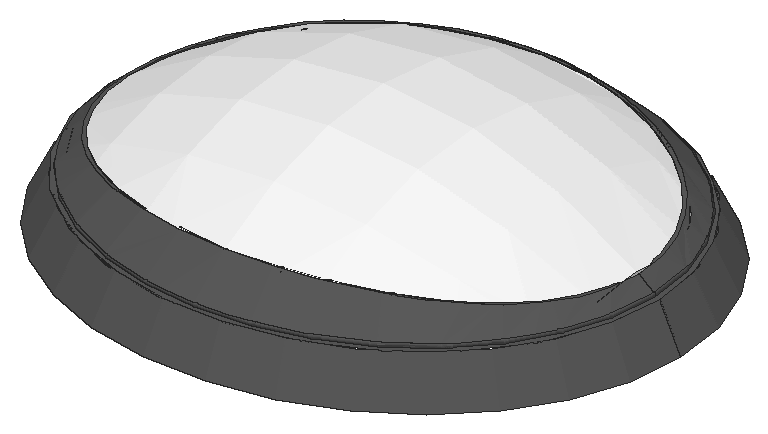
Revit family "4063807 Feilo Sylvania Lighting Fixtures BRIO IP65VR LED 3K BLK G2", category Lighting Fixtures, host Face, Revit 2017
Family settings
  Host = Face
  Round Connector Dimension = Use Diameter
  Part Type = Normal
  OmniClass Number = 23.80.70.00
  OmniClass Title = Lighting
  Cut with Voids When Loaded = No
  Light Source = Yes
  Shared = No
  Room Calculation Point = No
Parameters (values of type "4063807 BRIO IP65VR LED 3K BLK G2 High Output High Output")
  Weight = "3.0 kg"
  Wattage Comments = "n/a"
  Wattage = 17 W
  WarrantyStartDate [instance] = "n/a"
  WarrantyGuarantorParts = "n/a"
  WarrantyDurationUnit = "n/a"
  WarrantyDurationParts = "n/a"
  WarrantyDescription = "n/a"
  built-in parameter 1150110 = 1 (stored number, unit not read)
  Voltage = 230 V
  URL = "http://www.sylvania-lighting.com"
  TypeName = "BRIO IP65VR LED 3K BLK G2"
  Type Image = <None>
  Type Comments = "n/a"
  built-in parameter 1114217 = 1 (stored number, unit not read)
  Tilt Angle = -90.00°
  built-in parameter 1150109 = 1 (stored number, unit not read)
  built-in parameter 1150134 = (empty or 0)
  built-in parameter 1150113 = 1 (stored number, unit not read)
  SerialNumber [instance] = "n/a"
  ReflectorMaterial = none
  PowerFactor = 0.98
  PowerConsumption = "17 W"
  Photometric Web File = "4063807-HO.ies"
  NominalLength = 104 mm
  NominalHeight = 440 mm
  NominalDepth = 390 mm
  Name = "BRIO IP65VR LED 3K BLK G2"
  ModelReference = Name  # "BRIO IP65VR LED 3K BLK G2"
  ModelNumber = "4063807"
  Model = Name  # "BRIO IP65VR LED 3K BLK G2"
  Material = "aluminium body, polycarbonate diffuser"
  ManufacturerName = "Feilo Sylvania"
  Manufacturer = "Feilo Sylvania"
  LuminousEfficacy = "74 lm/W"
  built-in parameter 1150105 = 100.11 (stored number, unit not read)
  Lumens = 1258 lm
  LuminaireType = ""
  built-in parameter 1150115 = 1 (stored number, unit not read)
  LightOutputRatio = "100"
  built-in parameter 1150137 = (empty or 0)
  built-in parameter 1150139 = (empty or 0)
  LampsType = Lamp  # "LED"
  LampNominalLuminous = "1266 lm"
  LampMacAdamStep = "n/a"
  LampColourTemperature = "3000 K"
  LampColourRenderingIndex = "80"
  built-in parameter 1150112 = 1 (stored number, unit not read)
  built-in parameter 1150114 = 1 (stored number, unit not read)
  Lamp = "LED"
  Keynote = "16500"
  InstallationDate [instance] = "n/a"
  InputVoltage = "230-240V~"
  InputNominalFrequency = "50/60 Hz"
  built-in parameter 1150132 = (empty or 0)
  built-in parameter 1150102 = (empty or 0)
  built-in parameter 1150107 = 3000 (stored number, unit not read)
  built-in parameter 1150138 = (empty or 0)
  IngressProtection = "IP65"
  ImpactProtectionIndex = "IK10"
  built-in parameter 1150106 = 1.0011 (stored number, unit not read)
  IfcExportType = "IfcLightFixtureType"
  IfcExportAs = "IfcLightFixtureType"
  ExpectedLife = 50000
  Emit from Circle Diameter = 300 mm
  Emit Shape Visible in Rendering = no
  ElectricShockClassification = "Class I"
  built-in parameter 1150104 = 6.8748 (stored number, unit not read)
  DurationUnit = "hours"
  DocumentationLiterature = "http://www.sylvania-lighting.com/product/en-int/products/4063807"
  DimmingControlOptions = "n/a"
  Dimming Lamp Color Temperature Shift = <None>
  DiffuserMaterial = Diffuser-Sylvania-BrioIP65VR-Opal
  Description = "Led exterior bulkhead, Unique feature allowing a choice between High Output or High Efficiency with the flick of a switch, die-cast aluminium body,  vandal resistant, 665/1266LM, 9/17W, 74/74lm/W, 3000K, Driver Current: 350/750mA, CRI80, Non dimmable, IP55,IK10, 50,000hrs (L70), (HxWxD) 358 x 408 x 104mm,  3kg, 3 step MacAdam ellipse,  RAL 9005, Class 1, 230V,  energy class: A++, A+, A"
  Default Elevation = 1219.2 mm
  CreatedOn = "23/11/2017"
  CreatedBy = ""
  Cost = 0
  Color Filter = 16777215
  built-in parameter 1114216 [instance] = (empty or 0)
  ClassificationValue = "EF_70_80"
  ClassificationName = "Uniclass2015"
  BodyMaterial = Body-Sylvania-BrioIP65VR-Black
  BarCode [instance] = "n/a"
  built-in parameter 1114218 = 1 (stored number, unit not read)
  built-in parameter 1150133 = 10 (stored number, unit not read)
  AssetType = "Fixed"
  AssetIdentifier [instance] = "n/a"
  Assembly Code = "D5020200"
  Apparent Load = 17 VA
  AccessoryMaterial = none
Types (2, lengths in mm): name | Wattage | PowerConsumption | Photometric Web File | built-in parameter 1150105 | Lumens | LampNominalLuminous | built-in parameter 1150106 | Apparent Load
  4063807 BRIO IP65VR LED 3K BLK G2 High Output High Output | 17 W | "17 W" | "4063807-HO.ies" | 100.11 (stored number, unit not read) | 1258 lm | "1266 lm" | 1.0011 (stored number, unit not read) | 17 VA
  4063807 BRIO IP65VR LED 3K BLK G2 High Efficiency High Efficiency | 9 W | "9 W" | "4063807-HE.ies" | 52.999 (stored number, unit not read) | 666 lm | "665 lm" | 0.52999 (stored number, unit not read) | 9 VA
Reference planes
  plane 1 "Center (Front/Back)": y = 0
  plane 2: z = 0
  plane 3 "Center (Left/Right)": x = 0
  plane 4: x = 220
  plane 5: x = -220
  plane 6: y = 195
  plane 7: y = -195
  plane 8: z = 104
  plane 9: z = 32.5
  plane 10: z = 60
  plane 11: x = -172.7
  plane 12: x = -203.7
  plane 13: z = 45
  plane 14: y = -147.7
  plane 15: y = 147.7
  plane 16: z = 58.9
  plane 17: y = 146.8
  plane 18: y = -146.8
  plane 19: y = -148.7
  plane 20: y = 148.7
  plane 21: x = -193.7
Forms (mm)
  Blend 1, solid, material "Body-Sylvania-BrioIP65VR-Black" <- "BodyMaterial"
    base sketch origin (0, 0, 0) x (1, 0, 0) y (0, 1, 0)
      loop
        spline (-220, 0) -> (-212.504, -50.47) -> (-190.526, -97.5) -> (-155.563, -137.886) -> (-110, -168.875) -> (-56.94, -188.356) -> (0, -195) -> (56.94, -188.356) -> (110, -168.875) -> (155.563, -137.886) -> (190.526, -97.5) -> (212.504, -50.47) -> (220, 0)
        spline (220, 0) -> (212.504, 50.47) -> (190.526, 97.5) -> (155.563, 137.886) -> (110, 168.875) -> (56.94, 188.356) -> (0, 195) -> (-56.94, 188.356) -> (-110, 168.875) -> (-155.563, 137.886) -> (-190.526, 97.5) -> (-212.504, 50.47) -> (-220, 0)
    top sketch origin (0, 0, 0) x (1, 0, 0) y (0, 1, 0)
      loop
        spline (-203.75, 0) -> (-196.807, -46.329) -> (-176.453, -89.5) -> (-144.073, -126.572) -> (-101.875, -155.019) -> (-52.734, -172.901) -> (0, -179) -> (52.734, -172.901) -> (101.875, -155.019) -> (144.073, -126.572) -> (176.453, -89.5) -> (196.807, -46.329) -> (203.75, 0)
        spline (203.75, 0) -> (196.807, 46.329) -> (176.453, 89.5) -> (144.073, 126.572) -> (101.875, 155.019) -> (52.734, 172.901) -> (0, 179) -> (-52.734, 172.901) -> (-101.875, 155.019) -> (-144.073, 126.572) -> (-176.453, 89.5) -> (-196.807, 46.329) -> (-203.75, 0)
    from 0 to 32.5
  Sweep 2, solid, material "Body-Sylvania-BrioIP65VR-Black" <- "BodyMaterial"
    path in 3D
      loop
        spline (203.75, 0, 32.5) -> (196.807, -46.329, 32.5) -> (176.453, -89.5, 32.5) -> (144.073, -126.572, 32.5) -> (101.875, -155.019, 32.5) -> (52.734, -172.901, 32.5) -> (0, -179, 32.5) -> (-52.734, -172.901, 32.5) -> (-101.875, -155.019, 32.5) -> (-144.073, -126.572, 32.5) -> (-176.453, -89.5, 32.5) -> (-196.807, -46.329, 32.5) -> (-203.75, 0, 32.5)
        spline (-203.75, 0, 32.5) -> (-196.807, 46.329, 32.5) -> (-176.453, 89.5, 32.5) -> (-144.073, 126.572, 32.5) -> (-101.875, 155.019, 32.5) -> (-52.734, 172.901, 32.5) -> (0, 179, 32.5) -> (52.734, 172.901, 32.5) -> (101.875, 155.019, 32.5) -> (144.073, 126.572, 32.5) -> (176.453, 89.5, 32.5) -> (196.807, 46.329, 32.5) -> (203.75, 0, 32.5)
    profile origin (-203.75, 0, 32.5) x (-1, 0, 0) y (0, 0, 1)
      loop
        line (-31.05, 27.5) -> (-32.113, 26.437) -> (-10.05, 6.897) -> (-10.05, 1.5) -> (-31.05, 1.5) -> (-31.05, 0) -> (-5.172, 0)
        arc (-5.172, 0) -> (-3.338, 1.266) -> (-3.872, 3.429) r 1.961
        line (-3.872, 3.429) -> (-31.05, 27.5)
  Extrusion 3, void
    sketch origin (0, 0, 0) x (0, 1, 0) y (0, 0, 1)
      loop
        arc (-148.7, 60) -> (0, 45) -> (148.7, 60) r 744.556
        line (148.7, 60) -> (-148.7, 60)
    from -220 to 220
  Sweep 4, solid, material "Diffuser-Sylvania-BrioIP65VR-Opal" <- "DiffuserMaterial"
    path in 3D
      loop
        arc (0, 146.8, 58.9) -> (0, 0, 104) -> (0, -146.8, 58.9) r 261.466
    profile origin (0, 0, 104) x (0, 0, -1) y (1, 0, 0)
      loop
        line (59, -187.374) -> (61.459, -185.655)
        arc (61.459, -185.655) -> (3, 0) -> (61.459, 185.655) r 324.034
        line (61.459, 185.655) -> (59, 187.374)
        arc (59, 187.374) -> (0, 0) -> (59, -187.374) r 327.034
  Extrusion 5, void
    sketch origin (0, 0, 0) x (1, 0, 0) y (0, 1, 0)
      loop
        spline (-193.7, 0) -> (-187.1, -38.486) -> (-167.749, -74.35) -> (-136.967, -105.147) -> (-96.85, -128.778) -> (-50.133, -143.633) -> (0, -148.7) -> (50.133, -143.633) -> (96.85, -128.778) -> (136.967, -105.147) -> (167.749, -74.35) -> (187.1, -38.486) -> (193.7, 0)
        spline (193.7, 0) -> (187.1, 38.486) -> (167.749, 74.35) -> (136.967, 105.147) -> (96.85, 128.778) -> (50.133, 143.633) -> (0, 148.7) -> (-50.133, 143.633) -> (-96.85, 128.778) -> (-136.967, 105.147) -> (-167.749, 74.35) -> (-187.1, 38.486) -> (-193.7, 0)
      loop
        line (-203.7, 195) -> (-203.7, -195) -> (220, -195) -> (220, 195) -> (-203.7, 195)
    from 0 to 60
Cuts and joins
  Extrusion 3 cuts Sweep 2
  Extrusion 5 cuts Sweep 4
Lines and regions (mm)
  sketch lines
    curve 1: spline (-203.75, 0, 32.5) -> (-196.807, 46.329, 32.5) -> (-176.453, 89.5, 32.5) -> (-144.073, 126.572, 32.5) -> (-101.875, 155.019, 32.5) -> (-52.734, 172.901, 32.5) -> (0, 179, 32.5) -> (52.734, 172.901, 32.5) -> (101.875, 155.019, 32.5) -> (144.073, 126.572, 32.5) -> (176.453, 89.5, 32.5) -> (196.807, 46.329, 32.5) -> (203.75, 0, 32.5)
    curve 2: spline (203.75, 0, 32.5) -> (196.807, -46.329, 32.5) -> (176.453, -89.5, 32.5) -> (144.073, -126.572, 32.5) -> (101.875, -155.019, 32.5) -> (52.734, -172.901, 32.5) -> (0, -179, 32.5) -> (-52.734, -172.901, 32.5) -> (-101.875, -155.019, 32.5) -> (-144.073, -126.572, 32.5) -> (-176.453, -89.5, 32.5) -> (-196.807, -46.329, 32.5) -> (-203.75, 0, 32.5)
    curve 4: arc (0, 146.8, 58.9) -> (0, 0, 104) -> (0, -146.8, 58.9) r 261.466
  reference lines
    curve 3: arc (0, 146.8, 58.9) -> (0, 0, 104) -> (0, -146.8, 58.9) r 261.466
Dimensions and locks
  equal spacing: plane 5, plane 3 "Center (Left/Right)", plane 4
  locked: plane 5 to plane 4 at 440
  equal spacing: plane 7, plane 1 "Center (Front/Back)", plane 6
  locked: plane 7 to plane 6 at 390
  locked: plane 8 to plane 2 at 104
  plane 9 to plane 2 = 32.5 mm
  locked: Blend 1 sketch curve to Blend 1 sketch curve at 195
  locked: Blend 1 sketch curve to Blend 1 sketch curve at 220
  locked: Blend 1 sketch curve to Blend 1 sketch curve at 203.75
  locked: Blend 1 sketch curve to Blend 1 sketch curve at 179
  locked: plane 10 to plane 9 at 27.5
  locked: plane 12 to plane 5 at 16.3
  locked: plane 11 to plane 5 at 47.3
  locked: plane 10 to plane 13 at 15
  equal spacing: plane 14, plane 1 "Center (Front/Back)", plane 15
  locked: plane 7 to plane 14 at 47.3
  locked: Sweep 2 sketch curve to Sweep 2 sketch curve at 1.5
  locked: Sweep 2 sketch curve to plane 9 at 1.5
  locked: plane 16 to plane 10 at 1.1
  equal spacing: plane 18, plane 1 "Center (Front/Back)", plane 17
  locked: plane 14 to plane 18 at 0.9
  locked: plane 2 to curve 3 at 157.466
  equal spacing: plane 19, plane 1 "Center (Front/Back)", plane 20
  locked: plane 19 to plane 14 at 1
  locked: Extrusion 3 sketch curve to plane 2 at 789.556
  locked: plane 21 to plane 12 at 10
  aligned and locked: plane 2 to host face
  aligned and locked: level to host face
  aligned and locked: plane 3 "Center (Left/Right)" to Blend 1 sketch curve  (x2)
  aligned and locked: plane 1 "Center (Front/Back)" to Blend 1 sketch curve  (x4)
  aligned and locked: Blend 1 to plane 9
  aligned and locked: Sweep 2 sketch curve to profile plane
  aligned and locked: plane 4 to Extrusion 3
  aligned and locked: plane 10 to Sweep 2 sketch curve
  aligned and locked: plane 17 to curve 3
  aligned and locked: plane 16 to curve 3  (x2)
  aligned and locked: plane 18 to curve 3
  aligned and locked: plane 13 to Sweep 4 sketch curve
  aligned and locked: plane 10 to Extrusion 3 sketch curve
  aligned and locked: plane 20 to Extrusion 3 sketch curve
  aligned and locked: plane 19 to Extrusion 3 sketch curve
  aligned and locked: plane 1 "Center (Front/Back)" to Extrusion 3 sketch curve
  aligned and locked: Extrusion 3 to plane 5
  aligned and locked: imposter light to plane 8
  aligned and locked: plane 3 "Center (Left/Right)" to imposter light
  aligned and locked: imposter light to plane 1 "Center (Front/Back)"
  aligned and locked: plane 21 to Sweep 2 sketch curve
  aligned and locked: Sweep 2 sketch curve to plane 21
  aligned and locked: plane 3 "Center (Left/Right)" to Extrusion 5 sketch curve
  aligned and locked: plane 1 "Center (Front/Back)" to Extrusion 5 sketch curve  (x2)
  aligned and locked: plane 6 to Extrusion 5 sketch curve
  aligned and locked: Extrusion 5 sketch curve to plane 7
  aligned and locked: Extrusion 5 sketch curve to plane 4
  aligned and locked: plane 12 to Extrusion 5 sketch curve
  aligned and locked: Extrusion 5 to level
  aligned and locked: Extrusion 5 to plane 10
Automatic sketch dimensions
  host sketch curve to host sketch curve = 2438.4 mm  (x2)
  Sweep 4 sketch curve to Sweep 4 sketch curve = 0 mm  (x2)
  Sweep 4 sketch curve to profile plane = 0 mm
  Sweep 4 sketch curve to Sweep 4 sketch curve = 2.459 mm  (x2)
  Sweep 4 sketch curve to Sweep 4 sketch curve = 265.575 mm
  Sweep 4 sketch curve to profile plane = 185.655 mm
  Sweep 4 sketch curve to Sweep 4 sketch curve = 1.719 mm
  Sweep 4 sketch curve to profile plane = 59 mm
  Sweep 2 sketch curve to Sweep 2 sketch curve = 21 mm
  Sweep 2 sketch curve to Sweep 2 sketch curve = 0 mm
  profile plane to Sweep 2 sketch curve = 26.437 mm
  Sweep 2 sketch curve to Sweep 2 sketch curve = 1.063 mm
  profile plane to Sweep 2 sketch curve = 1.961 mm
  profile plane to Sweep 2 sketch curve = 3.429 mm
  Extrusion 5 sketch curve to plane 21 = 0 mm
Connectors
  electrical at (0, 0, 0), driven by "Apparent Load", driven by "PowerFactor", driven by "Voltage"
    settings: index 1, voltage 230 V, apparent load 17 VA, apparent load phase1 0 VA, apparent load phase2 0 VA, apparent load phase3 0 VA, power factor 0.98, load classification "Lighting", number of poles 1, system type 30, power factor state 1, is connector primary yes, connector utility no, sub classification motor no, connector description ""
